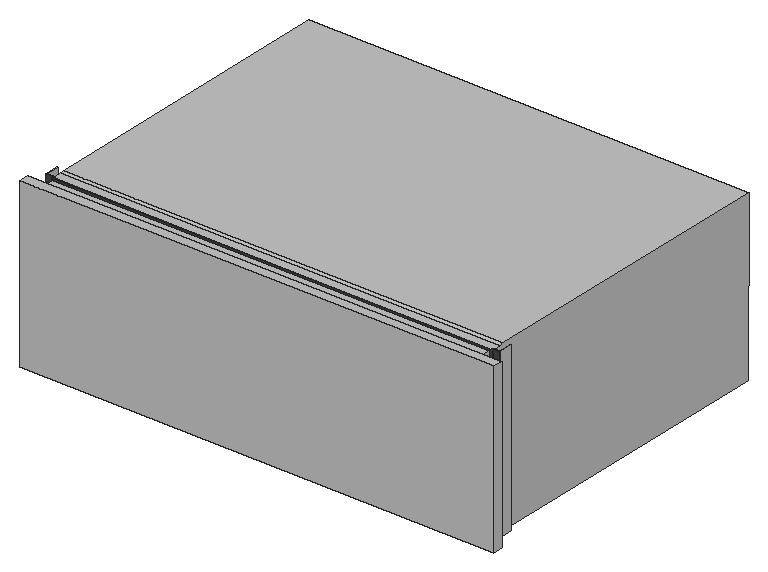
Revit family "FP_Revit_18_WB30DEI1_Warming_Drawer_90001836A", category Specialty Equipment, Revit 2018
Family settings
  Round Connector Dimension = Use Diameter
  Part Type = Normal
  OmniClass Number = 23.40.40.14.17.31
  OmniClass Title = Small Specialized Cooking Equipment
  Work Plane-Based = No
  Always vertical = Yes
  Cut with Voids When Loaded = Yes
  Shared = No
  Room Calculation Point = No
Parameters (values of type "WB30DEI1")
  Visibility - Custom Panel = yes
  Visibility - Clearance Required = yes
  URL = "www.fisherpaykel.com"
  Product - Width = 761 mm  # constant formula
  Product - Height = 271 mm  # constant formula
  Product - Depth = 572 mm  # constant formula
  Model = "WB30DEI1"
  Material - Trim = Fisher & Paykel - Black
  Material - Structure = Fisher & Paykel - Black
  Material - Custom Panel [instance] = Fisher & Paykel - Grey
  Material - Body = Fisher & Paykel - Grey
  Manufacturer = "Fisher & Paykel Appliances"
  FFL Offset [instance] = 587 mm
  Door - Thickness (16mm - 20mm) [instance] = 16 mm
  Description = "30\" Integrated Warming Drawer"
  Connector Description - Electrical = "110 V, 60Hz, 10 A"
  Chassis - Width = 707 mm  # constant formula
  Chassis - Height = 271 mm  # constant formula
  Chassis - Depth = 547 mm  # constant formula
  Cavity - Width = 730 mm  # constant formula
  Cavity - Height = 273 mm  # constant formula
  Cavity - Depth = 567 mm  # constant formula
Reference planes
  plane 1 "Datum (Front/Back)": y = 0
  plane 2: z = 0
  plane 3 "Center (Left/Right)": x = 0
  plane 4 "Product Height": z = 858
  plane 5 "Product LHS": x = -380.5
  plane 6 "Product RHS": x = 380.5
  plane 7 "Cavity LHS": x = -382
  plane 8 "Cavity RHS": x = 382
  plane 9 "Cavity - Depth": y = 567
  plane 10 "Product Depth": y = 547
  plane 11 "Cavity - Height": z = 860
  plane 12 "FFL Offset": z = 587
  plane 13 "Door - Back": y = -17
  plane 14 "Door - Front": y = -33
Forms (mm)
  Extrusion 1, solid, material "Fisher & Paykel - Grey" <- "Material - Body"
    sketch origin (0, 0, 0) x (0, 1, 0) y (0, 0, 1)
      loop
        line (5.8, 587) -> (513, 587) -> (513, 858) -> (20, 858) -> (15.5, 856) -> (0, 856) -> (0, 589.9) -> (5.8, 587)
    from -353.5 to 353.5
  Extrusion 2, solid, material "Fisher & Paykel - Grey" <- "Material - Body", detail levels medium+fine
    sketch origin (0, 0, 0) x (0, 1, 0) y (0, 0, 1)
      loop
        line (513, 827) -> (513, 808) -> (547, 808) -> (547, 827) -> (513, 827)
    from 177 to 202
  Extrusion 3, solid, material "Fisher & Paykel - Grey" <- "Material - Body", detail levels medium+fine
    sketch origin (0, -0.312, 0) x (0, 1, 0) y (0, 0, 1)
      loop
        circle (540.312, 817.5) r 8.163
    from 137 to 177
  Extrusion 4, solid, material "Fisher & Paykel - Black" <- "Material - Structure"
    sketch origin (0, 0, 0) x (0, 1, 0) y (0, 0, 1)
      loop
        line (-1, 593.5) -> (-1, 839.2) -> (-5, 839.2) -> (-5, 593.5) -> (-1, 593.5)
    from -342 to 342
  Extrusion 5, solid, material "Fisher & Paykel - Grey" <- "Material - Body"
    sketch origin (0, 0, 0) x (0, 1, 0) y (0, 0, 1)
      loop
        line (-5, 856) -> (-17, 856) -> (-17, 599.179) -> (-8.393, 589) -> (-5, 589) -> (-5, 856)
    from -350 to 350
  Extrusion 6, solid, material "Fisher & Paykel - Clearance Required", visible <- "Visibility - Clearance Required", detail levels coarse
    sketch origin (0, 0, 0) x (0, 1, 0) y (0, 0, 1)
      loop
        line (0, 860) -> (0, 587) -> (567, 587) -> (567, 860) -> (0, 860)
    from -365 to 365
  Extrusion 7, solid, material "Fisher & Paykel - Black" <- "Material - Structure"
    sketch origin (0, 0, 0) x (1, 0, 0) y (0, 0, 1)
      loop
        line (-365, 858) -> (-365, 589.9) -> (365, 589.9) -> (365, 858) -> (352, 858) -> (352, 856) -> (-352, 856) -> (-352, 858) -> (-365, 858)
    from 0 to 1
  Extrusion 8, solid, material "Fisher & Paykel - Clearance Required", visible <- "Visibility - Clearance Required", detail levels coarse
    sketch origin (0, 0, 0) x (0, 1, 0) y (0, 0, 1)
      loop
        line (0, 587) -> (0, 860) -> (-443, 860) -> (-443, 587) -> (0, 587)
    from -382 to 382
  Extrusion 9, solid, material "Fisher & Paykel - Grey" <- "Material - Body"
    sketch origin (0, 0, 0) x (1, 0, 0) y (0, 1, 0)
      loop
        line (-365, 22) -> (-365, 0) -> (-355.805, 0) -> (-355.805, 1) -> (-364, 1) -> (-364, 22) -> (-365, 22)
      loop
        line (365, 22) -> (364, 22) -> (364, 1) -> (355.805, 1) -> (355.805, 0) -> (365, 0) -> (365, 22)
    from 589.9 to 858
  Extrusion 10, solid, material "Fisher & Paykel - Grey" <- "Material - Custom Panel", visible <- "Visibility - Custom Panel"
    sketch origin (0, 0, 0) x (0, 1, 0) y (0, 0, 1)
      loop
        line (-17, 857) -> (-33, 857) -> (-33, 589) -> (-17, 589) -> (-17, 857)
    from -380.5 to 380.5
  Extrusion 11, void
    sketch origin (0, 0, 0) x (0, 1, 0) y (0, 0, 1)
      loop
        line (0, 860) -> (0, 587) -> (567, 587) -> (567, 860) -> (0, 860)
    from -365 to 365
  Extrusion 12, void
    sketch origin (0, 0, 0) x (0, 1, 0) y (0, 0, 1)
      loop
        line (0, 587) -> (0, 860) -> (-33, 860) -> (-33, 587) -> (0, 587)
    from -382 to 382
Text (mm)
  text "Due to ongoing product development, product details are subject to change without notice. \nPlease always refer to www.fisherpaykel.com for the most current product information. \n© Fisher & Paykel 2020" at (41.04, -568.295, 0), in view "Ref. Level (Plan)"
Dimensions and locks
  equal spacing: plane 5 "Product LHS", plane 3 "Center (Left/Right)", plane 6 "Product RHS"
  equal spacing: plane 7 "Cavity LHS", plane 3 "Center (Left/Right)", plane 8 "Cavity RHS"
  "Product - Width": plane 5 "Product LHS" to plane 6 "Product RHS"
  "Chassis - Depth": plane 1 "Datum (Front/Back)" to plane 10 "Product Depth"
  "Cavity - Depth": plane 9 "Cavity - Depth" to plane 1 "Datum (Front/Back)"
  "FFL Offset": level to plane 12 "FFL Offset"
  "Product - Height": plane 12 "FFL Offset" to plane 4 "Product Height"
  "Cavity - Height": plane 12 "FFL Offset" to plane 11 "Cavity - Height"
  locked: plane 12 "FFL Offset" to Extrusion 4 at 6.5
  equal spacing: Extrusion 6, plane 3 "Center (Left/Right)", Extrusion 6
  "Cavity - Width": Extrusion 6 to Extrusion 6
  locked: Extrusion 8 to Extrusion 8 at 764
  equal spacing: Extrusion 5, plane 3 "Center (Left/Right)", Extrusion 5
  locked: Extrusion 5 to Extrusion 5 at 700
  equal spacing: Extrusion 1, plane 3 "Center (Left/Right)", Extrusion 1
  "Chassis - Width": Extrusion 1 to Extrusion 1
  equal spacing: Extrusion 7, plane 3 "Center (Left/Right)", Extrusion 7
  locked: plane 13 "Door - Back" to plane 1 "Datum (Front/Back)" at 17
  "Door - Thickness (16mm - 20mm)": plane 13 "Door - Back" to plane 14 "Door - Front"
  locked: plane 12 "FFL Offset" to Extrusion 10 sketch curve at 2
  locked: Extrusion 8 to Extrusion 10 sketch curve at 3
  equal spacing: Extrusion 9, plane 3 "Center (Left/Right)", Extrusion 9
  "Cavity - Width": Extrusion 9 to Extrusion 9
  Extrusion 11 to Extrusion 11 = 730 mm
  "Cavity - Width": Extrusion 11 to Extrusion 11
  locked: Extrusion 12 to Extrusion 12 at 764
  locked: plane 12 "FFL Offset" to Extrusion 9 at 2.9
  aligned and locked: level to plane 2
  aligned and locked: Extrusion 6 sketch curve to plane 9 "Cavity - Depth"
  aligned and locked: Extrusion 2 to Extrusion 1
  aligned and locked: Extrusion 7 to plane 1 "Datum (Front/Back)"
  aligned and locked: plane 12 "FFL Offset" to Extrusion 1 sketch curve
  aligned and locked: Extrusion 6 sketch curve to plane 12 "FFL Offset"
  aligned and locked: Extrusion 8 sketch curve to plane 11 "Cavity - Height"
  aligned and locked: Extrusion 8 sketch curve to plane 12 "FFL Offset"
  aligned and locked: plane 7 "Cavity LHS" to Extrusion 8
  aligned and locked: Extrusion 8 to plane 8 "Cavity RHS"
  aligned and locked: plane 4 "Product Height" to Extrusion 9
  aligned and locked: plane 13 "Door - Back" to Extrusion 10 sketch curve
  aligned and locked: plane 14 "Door - Front" to Extrusion 10 sketch curve
  aligned and locked: Extrusion 10 to plane 6 "Product RHS"
  aligned and locked: plane 5 "Product LHS" to Extrusion 10
  aligned and locked: Extrusion 6 to Extrusion 7
  aligned and locked: plane 1 "Datum (Front/Back)" to Extrusion 11
  aligned and locked: Extrusion 11 to plane 11 "Cavity - Height"
  aligned and locked: plane 9 "Cavity - Depth" to Extrusion 11
  aligned and locked: plane 12 "FFL Offset" to Extrusion 11
Automatic sketch dimensions
  Extrusion 1 sketch curve to plane 1 "Datum (Front/Back)" = 0 mm
  Extrusion 1 sketch curve to plane 4 "Product Height" = 0 mm
  Extrusion 1 sketch curve to plane 1 "Datum (Front/Back)" = 5.8 mm
  Extrusion 1 sketch curve to plane 4 "Product Height" = 2 mm
  Extrusion 1 sketch curve to Extrusion 1 sketch curve = 15.5 mm
  Extrusion 1 sketch curve to Extrusion 1 sketch curve = 4.5 mm
  Extrusion 1 sketch curve to plane 10 "Product Depth" = 34 mm
  Extrusion 1 sketch curve to plane 12 "FFL Offset" = 2.9 mm
  Extrusion 2 sketch curve to plane 10 "Product Depth" = 0 mm
  Extrusion 2 sketch curve to Extrusion 2 sketch curve = 34 mm
  Extrusion 2 sketch curve to plane 4 "Product Height" = 50 mm
  Extrusion 2 sketch curve to Extrusion 2 sketch curve = 19 mm
  Extrusion 3 sketch curve to plane 10 "Product Depth" = 7 mm
  Extrusion 3 sketch curve to plane 4 "Product Height" = 40.5 mm
  plane 1 "Datum (Front/Back)" to Extrusion 4 sketch curve = 5 mm
  plane 1 "Datum (Front/Back)" to Extrusion 4 sketch curve = 1 mm
  Extrusion 4 sketch curve to plane 12 "FFL Offset" = 6.5 mm
  Extrusion 4 sketch curve to plane 4 "Product Height" = 18.8 mm
  Extrusion 5 sketch curve to plane 13 "Door - Back" = 0 mm
  Extrusion 5 sketch curve to plane 12 "FFL Offset" = 2 mm
  plane 1 "Datum (Front/Back)" to Extrusion 5 sketch curve = 8.393 mm
  Extrusion 5 sketch curve to Extrusion 5 sketch curve = 3.393 mm
  Extrusion 5 sketch curve to plane 12 "FFL Offset" = 12.179 mm
  Extrusion 5 sketch curve to plane 4 "Product Height" = 2 mm
  Extrusion 6 sketch curve to plane 1 "Datum (Front/Back)" = 0 mm
  plane 11 "Cavity - Height" to Extrusion 6 sketch curve = 0 mm
  Extrusion 7 sketch curve to plane 4 "Product Height" = 0 mm  (x2)
  Extrusion 7 sketch curve to plane 5 "Product LHS" = 15.5 mm
  Extrusion 7 sketch curve to Extrusion 7 sketch curve = 13 mm
  Extrusion 7 sketch curve to plane 4 "Product Height" = 2 mm
  plane 6 "Product RHS" to Extrusion 7 sketch curve = 28.5 mm
  Extrusion 7 sketch curve to plane 12 "FFL Offset" = 2.9 mm
  plane 6 "Product RHS" to Extrusion 7 sketch curve = 15.5 mm
  Extrusion 8 sketch curve to plane 1 "Datum (Front/Back)" = 0 mm
  plane 14 "Door - Front" to Extrusion 8 sketch curve = 410 mm
  plane 1 "Datum (Front/Back)" to Extrusion 9 sketch curve = 0 mm  (x2)
  Extrusion 9 sketch curve to plane 5 "Product LHS" = 15.5 mm
  Extrusion 9 sketch curve to Extrusion 9 sketch curve = 1 mm  (x2)
  Extrusion 9 sketch curve to plane 1 "Datum (Front/Back)" = 1 mm  (x2)
  Extrusion 9 sketch curve to Extrusion 9 sketch curve = 8.195 mm  (x2)
  plane 6 "Product RHS" to Extrusion 9 sketch curve = 24.695 mm
  Extrusion 9 sketch curve to Extrusion 9 sketch curve = 21 mm  (x2)
  Extrusion 11 sketch curve to plane 1 "Datum (Front/Back)" = 0 mm
  plane 9 "Cavity - Depth" to Extrusion 11 sketch curve = 0 mm
  plane 12 "FFL Offset" to Extrusion 11 sketch curve = 0 mm
  Extrusion 11 sketch curve to plane 11 "Cavity - Height" = 0 mm
  Extrusion 12 sketch curve to plane 12 "FFL Offset" = 0 mm
  Extrusion 12 sketch curve to plane 11 "Cavity - Height" = 0 mm
  Extrusion 12 sketch curve to plane 1 "Datum (Front/Back)" = 0 mm
  plane 14 "Door - Front" to Extrusion 12 sketch curve = 0 mm
  radius of Extrusion 3 sketch curve = 8.163 mm
Connectors
  electrical at (137, 540, 817.5), driven by "Connector Description - Electrical"
    settings: on Extrusion 3, index 1, voltage 110 V, apparent load 0 VA, apparent load phase1 0 VA, apparent load phase2 0 VA, apparent load phase3 0 VA, power factor 1, load classification "Other", number of poles 1, system type 30, power factor state 1, is connector primary yes, connector utility no, sub classification motor no, connector description "110 V, 60Hz, 10 A"
